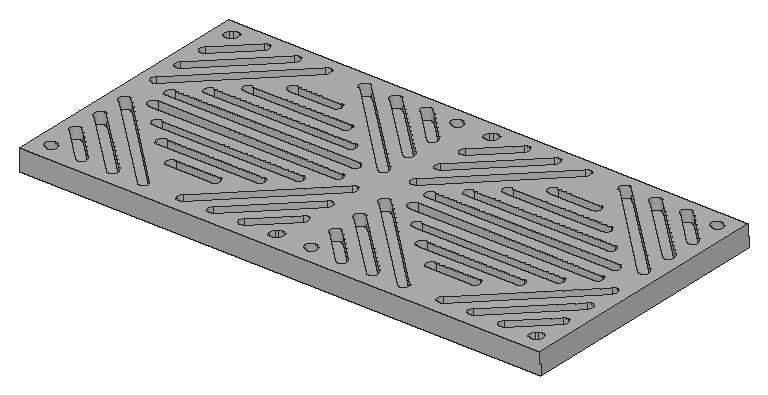
Revit family "dBA - 2 inch - Ceiling and Wall Panels 24x48", category Specialty Equipment, Revit 2023
Family settings
  Round Connector Dimension = Use Diameter
  Part Type = Normal
  OmniClass Number = 23.35.00.00
  OmniClass Title = Covering, Cladding, and Finishes
  Work Plane-Based = Yes
  Enable Cutting in Views = Yes
  Always vertical = No
  Cut with Voids When Loaded = No
  Maintain Annotation Orientation = No
  Shared = No
  Room Calculation Point = No
Parameters (values of type "Charcoal")
  URL = "https://www.acousticalsurfaces.com/sound-silencer/dba-ceiling-wall-panel/"
  Type Comments = "dBA Ceiling and Wall Panels"
  Recycled Content Percentage = "0%"
  Model = "Sound Silencer - dBA Ceiling and Wall Panels"
  Material = "Sound Silencer dBA"
  Manufacturer = "Acoustical Surfaces, Inc."
  Fire Rating = "ASTM E84 - Class A"
  Finish = Paint - Acoustical-Surfaces - dBA - Charcoal
  Description = "dBA Ceiling and Wall Panels"
  Default Elevation = 4' - 0"
  Assembly Code = "C30"
  Acoustics - NRC = "Sound absorption varies from NRC 0.45 to 0.95 based on installation method used when tested per ASTM C423."
Types (2): name | Finish
  Charcoal | Paint - Acoustical-Surfaces - dBA - Charcoal
  White | Paint - Acoustical-Surfaces - dBA - White
Reference planes (in)
  plane 1 "Center (Front/Back)": y = 0
  plane 2: z = 0
  plane 3 "Center (Left/Right)": x = 0
  plane 4: y = 12
  plane 5: y = -12
  plane 6: x = -24
  plane 7: x = 24
  plane 8: z = 2
Forms (in)
  Extrusion 1, solid, material "Paint - Acoustical-Surfaces - dBA - Charcoal" <- "Finish"
    sketch origin (-12, 0, 0) x (1, 0, 0) y (0, 1, 0)
      loop
        line (12, 12) -> (-12, 12) -> (-12, -12) -> (12, -12) -> (12, 12)
    from 0 to 1
  Extrusion 2, solid, material "Paint - Acoustical-Surfaces - dBA - Charcoal" <- "Finish"
    sketch origin (-12, 0, 1) x (1, 0, 0) y (0, 1, 0)
      loop
        line (12, 12) -> (-12, 12) -> (-12, -12) -> (12, -12) -> (12, 12)
      loop
        arc (-10.14645, -9.96967) -> (-10.85355, -9.96967) -> (-10.85355, -10.67678) r 0.5
        line (-10.85355, -10.67678) -> (-10.67678, -10.85355)
        arc (-10.67678, -10.85355) -> (-9.96967, -10.85355) -> (-9.96967, -10.14645) r 0.5
        line (-9.96967, -10.14645) -> (-10.14645, -9.96967)
      loop
        arc (-7.84835, -10.85355) -> (-7.14124, -10.85355) -> (-7.14124, -10.14645) r 0.5
        line (-7.14124, -10.14645) -> (-10.14645, -7.14124)
        arc (-10.14645, -7.14124) -> (-10.85355, -7.14124) -> (-10.85355, -7.84835) r 0.5
        line (-10.85355, -7.84835) -> (-7.84835, -10.85355)
      loop
        arc (-5.01992, -10.85355) -> (-4.31282, -10.85355) -> (-4.31282, -10.14645) r 0.5
        line (-4.31282, -10.14645) -> (-10.14645, -4.31282)
        arc (-10.14645, -4.31282) -> (-10.85355, -4.31282) -> (-10.85355, -5.01992) r 0.5
        line (-10.85355, -5.01992) -> (-5.01992, -10.85355)
      loop
        arc (-2.1915, -10.85355) -> (-1.48439, -10.85355) -> (-1.48439, -10.14645) r 0.5
        line (-1.48439, -10.14645) -> (-10.14645, -1.48439)
        arc (-10.14645, -1.48439) -> (-10.85355, -1.48439) -> (-10.85355, -2.1915) r 0.5
        line (-10.85355, -2.1915) -> (-2.1915, -10.85355)
      loop
        arc (2, -7.5) -> (2.5, -7) -> (2, -6.5) r 0.5
        line (2, -6.5) -> (-2, -6.5)
        arc (-2, -6.5) -> (-2.5, -7) -> (-2, -7.5) r 0.5
        line (-2, -7.5) -> (2, -7.5)
      loop
        arc (4.5, -5.5) -> (5, -5) -> (4.5, -4.5) r 0.5
        line (4.5, -4.5) -> (-4.5, -4.5)
        arc (-4.5, -4.5) -> (-5, -5) -> (-4.5, -5.5) r 0.5
        line (-4.5, -5.5) -> (4.5, -5.5)
      loop
        arc (6.5, -3.5) -> (7, -3) -> (6.5, -2.5) r 0.5
        line (6.5, -2.5) -> (-6.5, -2.5)
        arc (-6.5, -2.5) -> (-7, -3) -> (-6.5, -3.5) r 0.5
        line (-6.5, -3.5) -> (6.5, -3.5)
      loop
        arc (8.5, -1.5) -> (9, -1) -> (8.5, -0.5) r 0.5
        line (8.5, -0.5) -> (-8.5, -0.5)
        arc (-8.5, -0.5) -> (-9, -1) -> (-8.5, -1.5) r 0.5
        line (-8.5, -1.5) -> (8.5, -1.5)
      loop
        arc (8.5, 0.5) -> (9, 1) -> (8.5, 1.5) r 0.5
        line (8.5, 1.5) -> (-8.5, 1.5)
        arc (-8.5, 1.5) -> (-9, 1) -> (-8.5, 0.5) r 0.5
        line (-8.5, 0.5) -> (8.5, 0.5)
      loop
        arc (6.5, 2.5) -> (7, 3) -> (6.5, 3.5) r 0.5
        line (6.5, 3.5) -> (-6.5, 3.5)
        arc (-6.5, 3.5) -> (-7, 3) -> (-6.5, 2.5) r 0.5
        line (-6.5, 2.5) -> (6.5, 2.5)
      loop
        arc (4.5, 4.5) -> (5, 5) -> (4.5, 5.5) r 0.5
        line (4.5, 5.5) -> (-4.5, 5.5)
        arc (-4.5, 5.5) -> (-5, 5) -> (-4.5, 4.5) r 0.5
        line (-4.5, 4.5) -> (4.5, 4.5)
      loop
        line (-2, 6.5) -> (2, 6.5)
        arc (2, 6.5) -> (2.5, 7) -> (2, 7.5) r 0.5
        line (2, 7.5) -> (-2, 7.5)
        arc (-2, 7.5) -> (-2.5, 7) -> (-2, 6.5) r 0.5
      loop
        arc (-1.48439, 10.14645) -> (-1.48439, 10.85355) -> (-2.1915, 10.85355) r 0.5
        line (-2.1915, 10.85355) -> (-10.85355, 2.1915)
        arc (-10.85355, 2.1915) -> (-10.85355, 1.48439) -> (-10.14645, 1.48439) r 0.5
        line (-10.14645, 1.48439) -> (-1.48439, 10.14645)
      loop
        arc (-4.31282, 10.14645) -> (-4.31282, 10.85355) -> (-5.01992, 10.85355) r 0.5
        line (-5.01992, 10.85355) -> (-10.85355, 5.01992)
        arc (-10.85355, 5.01992) -> (-10.85355, 4.31282) -> (-10.14645, 4.31282) r 0.5
        line (-10.14645, 4.31282) -> (-4.31282, 10.14645)
      loop
        arc (-7.14124, 10.14645) -> (-7.14124, 10.85355) -> (-7.84835, 10.85355) r 0.5
        line (-7.84835, 10.85355) -> (-10.85355, 7.84835)
        arc (-10.85355, 7.84835) -> (-10.85355, 7.14124) -> (-10.14645, 7.14124) r 0.5
        line (-10.14645, 7.14124) -> (-7.14124, 10.14645)
      loop
        line (-10.14645, 9.96967) -> (-9.96967, 10.14645)
        arc (-9.96967, 10.14645) -> (-9.96967, 10.85355) -> (-10.67678, 10.85355) r 0.5
        line (-10.67678, 10.85355) -> (-10.85355, 10.67678)
        arc (-10.85355, 10.67678) -> (-10.85355, 9.96967) -> (-10.14645, 9.96967) r 0.5
      loop
        arc (10.14645, 1.48439) -> (10.85355, 1.48439) -> (10.85355, 2.1915) r 0.5
        line (10.85355, 2.1915) -> (2.1915, 10.85355)
        arc (2.1915, 10.85355) -> (1.48439, 10.85355) -> (1.48439, 10.14645) r 0.5
        line (1.48439, 10.14645) -> (10.14645, 1.48439)
      loop
        arc (10.14645, 4.31282) -> (10.85355, 4.31282) -> (10.85355, 5.01992) r 0.5
        line (10.85355, 5.01992) -> (5.01992, 10.85355)
        arc (5.01992, 10.85355) -> (4.31282, 10.85355) -> (4.31282, 10.14645) r 0.5
        line (4.31282, 10.14645) -> (10.14645, 4.31282)
      loop
        arc (10.14645, 7.14124) -> (10.85355, 7.14124) -> (10.85355, 7.84835) r 0.5
        line (10.85355, 7.84835) -> (7.84835, 10.85355)
        arc (7.84835, 10.85355) -> (7.14124, 10.85355) -> (7.14124, 10.14645) r 0.5
        line (7.14124, 10.14645) -> (10.14645, 7.14124)
      loop
        arc (10.14645, 9.96967) -> (10.85355, 9.96967) -> (10.85355, 10.67678) r 0.5
        line (10.85355, 10.67678) -> (10.67678, 10.85355)
        arc (10.67678, 10.85355) -> (9.96967, 10.85355) -> (9.96967, 10.14645) r 0.5
        line (9.96967, 10.14645) -> (10.14645, 9.96967)
      loop
        arc (1.48439, -10.14645) -> (1.48439, -10.85355) -> (2.1915, -10.85355) r 0.5
        line (2.1915, -10.85355) -> (10.85355, -2.1915)
        arc (10.85355, -2.1915) -> (10.85355, -1.48439) -> (10.14645, -1.48439) r 0.5
        line (10.14645, -1.48439) -> (1.48439, -10.14645)
      loop
        arc (4.31282, -10.14645) -> (4.31282, -10.85355) -> (5.01992, -10.85355) r 0.5
        line (5.01992, -10.85355) -> (10.85355, -5.01992)
        arc (10.85355, -5.01992) -> (10.85355, -4.31282) -> (10.14645, -4.31282) r 0.5
        line (10.14645, -4.31282) -> (4.31282, -10.14645)
      loop
        arc (7.14124, -10.14645) -> (7.14124, -10.85355) -> (7.84835, -10.85355) r 0.5
        line (7.84835, -10.85355) -> (10.85355, -7.84835)
        arc (10.85355, -7.84835) -> (10.85355, -7.14124) -> (10.14645, -7.14124) r 0.5
        line (10.14645, -7.14124) -> (7.14124, -10.14645)
      loop
        arc (9.96967, -10.14645) -> (9.96967, -10.85355) -> (10.67678, -10.85355) r 0.5
        line (10.67678, -10.85355) -> (10.85355, -10.67678)
        arc (10.85355, -10.67678) -> (10.85355, -9.96967) -> (10.14645, -9.96967) r 0.5
        line (10.14645, -9.96967) -> (9.96967, -10.14645)
    from 0 to 1
  Extrusion 3, solid, material "Paint - Acoustical-Surfaces - dBA - Charcoal" <- "Finish"
    sketch origin (12, 0, 0) x (1, 0, 0) y (0, 1, 0)
      loop
        line (12, 12) -> (-12, 12) -> (-12, -12) -> (12, -12) -> (12, 12)
    from 0 to 1
  Extrusion 4, solid, material "Paint - Acoustical-Surfaces - dBA - Charcoal" <- "Finish"
    sketch origin (12, 0, 1) x (1, 0, 0) y (0, 1, 0)
      loop
        line (12, 12) -> (-12, 12) -> (-12, -12) -> (12, -12) -> (12, 12)
      loop
        arc (-10.14645, -9.96967) -> (-10.85355, -9.96967) -> (-10.85355, -10.67678) r 0.5
        line (-10.85355, -10.67678) -> (-10.67678, -10.85355)
        arc (-10.67678, -10.85355) -> (-9.96967, -10.85355) -> (-9.96967, -10.14645) r 0.5
        line (-9.96967, -10.14645) -> (-10.14645, -9.96967)
      loop
        arc (-7.84835, -10.85355) -> (-7.14124, -10.85355) -> (-7.14124, -10.14645) r 0.5
        line (-7.14124, -10.14645) -> (-10.14645, -7.14124)
        arc (-10.14645, -7.14124) -> (-10.85355, -7.14124) -> (-10.85355, -7.84835) r 0.5
        line (-10.85355, -7.84835) -> (-7.84835, -10.85355)
      loop
        arc (-5.01992, -10.85355) -> (-4.31282, -10.85355) -> (-4.31282, -10.14645) r 0.5
        line (-4.31282, -10.14645) -> (-10.14645, -4.31282)
        arc (-10.14645, -4.31282) -> (-10.85355, -4.31282) -> (-10.85355, -5.01992) r 0.5
        line (-10.85355, -5.01992) -> (-5.01992, -10.85355)
      loop
        arc (-2.1915, -10.85355) -> (-1.48439, -10.85355) -> (-1.48439, -10.14645) r 0.5
        line (-1.48439, -10.14645) -> (-10.14645, -1.48439)
        arc (-10.14645, -1.48439) -> (-10.85355, -1.48439) -> (-10.85355, -2.1915) r 0.5
        line (-10.85355, -2.1915) -> (-2.1915, -10.85355)
      loop
        arc (2, -7.5) -> (2.5, -7) -> (2, -6.5) r 0.5
        line (2, -6.5) -> (-2, -6.5)
        arc (-2, -6.5) -> (-2.5, -7) -> (-2, -7.5) r 0.5
        line (-2, -7.5) -> (2, -7.5)
      loop
        arc (4.5, -5.5) -> (5, -5) -> (4.5, -4.5) r 0.5
        line (4.5, -4.5) -> (-4.5, -4.5)
        arc (-4.5, -4.5) -> (-5, -5) -> (-4.5, -5.5) r 0.5
        line (-4.5, -5.5) -> (4.5, -5.5)
      loop
        arc (6.5, -3.5) -> (7, -3) -> (6.5, -2.5) r 0.5
        line (6.5, -2.5) -> (-6.5, -2.5)
        arc (-6.5, -2.5) -> (-7, -3) -> (-6.5, -3.5) r 0.5
        line (-6.5, -3.5) -> (6.5, -3.5)
      loop
        arc (8.5, -1.5) -> (9, -1) -> (8.5, -0.5) r 0.5
        line (8.5, -0.5) -> (-8.5, -0.5)
        arc (-8.5, -0.5) -> (-9, -1) -> (-8.5, -1.5) r 0.5
        line (-8.5, -1.5) -> (8.5, -1.5)
      loop
        arc (8.5, 0.5) -> (9, 1) -> (8.5, 1.5) r 0.5
        line (8.5, 1.5) -> (-8.5, 1.5)
        arc (-8.5, 1.5) -> (-9, 1) -> (-8.5, 0.5) r 0.5
        line (-8.5, 0.5) -> (8.5, 0.5)
      loop
        arc (6.5, 2.5) -> (7, 3) -> (6.5, 3.5) r 0.5
        line (6.5, 3.5) -> (-6.5, 3.5)
        arc (-6.5, 3.5) -> (-7, 3) -> (-6.5, 2.5) r 0.5
        line (-6.5, 2.5) -> (6.5, 2.5)
      loop
        arc (4.5, 4.5) -> (5, 5) -> (4.5, 5.5) r 0.5
        line (4.5, 5.5) -> (-4.5, 5.5)
        arc (-4.5, 5.5) -> (-5, 5) -> (-4.5, 4.5) r 0.5
        line (-4.5, 4.5) -> (4.5, 4.5)
      loop
        line (-2, 6.5) -> (2, 6.5)
        arc (2, 6.5) -> (2.5, 7) -> (2, 7.5) r 0.5
        line (2, 7.5) -> (-2, 7.5)
        arc (-2, 7.5) -> (-2.5, 7) -> (-2, 6.5) r 0.5
      loop
        arc (-1.48439, 10.14645) -> (-1.48439, 10.85355) -> (-2.1915, 10.85355) r 0.5
        line (-2.1915, 10.85355) -> (-10.85355, 2.1915)
        arc (-10.85355, 2.1915) -> (-10.85355, 1.48439) -> (-10.14645, 1.48439) r 0.5
        line (-10.14645, 1.48439) -> (-1.48439, 10.14645)
      loop
        arc (-4.31282, 10.14645) -> (-4.31282, 10.85355) -> (-5.01992, 10.85355) r 0.5
        line (-5.01992, 10.85355) -> (-10.85355, 5.01992)
        arc (-10.85355, 5.01992) -> (-10.85355, 4.31282) -> (-10.14645, 4.31282) r 0.5
        line (-10.14645, 4.31282) -> (-4.31282, 10.14645)
      loop
        arc (-7.14124, 10.14645) -> (-7.14124, 10.85355) -> (-7.84835, 10.85355) r 0.5
        line (-7.84835, 10.85355) -> (-10.85355, 7.84835)
        arc (-10.85355, 7.84835) -> (-10.85355, 7.14124) -> (-10.14645, 7.14124) r 0.5
        line (-10.14645, 7.14124) -> (-7.14124, 10.14645)
      loop
        line (-10.14645, 9.96967) -> (-9.96967, 10.14645)
        arc (-9.96967, 10.14645) -> (-9.96967, 10.85355) -> (-10.67678, 10.85355) r 0.5
        line (-10.67678, 10.85355) -> (-10.85355, 10.67678)
        arc (-10.85355, 10.67678) -> (-10.85355, 9.96967) -> (-10.14645, 9.96967) r 0.5
      loop
        arc (10.14645, 1.48439) -> (10.85355, 1.48439) -> (10.85355, 2.1915) r 0.5
        line (10.85355, 2.1915) -> (2.1915, 10.85355)
        arc (2.1915, 10.85355) -> (1.48439, 10.85355) -> (1.48439, 10.14645) r 0.5
        line (1.48439, 10.14645) -> (10.14645, 1.48439)
      loop
        arc (10.14645, 4.31282) -> (10.85355, 4.31282) -> (10.85355, 5.01992) r 0.5
        line (10.85355, 5.01992) -> (5.01992, 10.85355)
        arc (5.01992, 10.85355) -> (4.31282, 10.85355) -> (4.31282, 10.14645) r 0.5
        line (4.31282, 10.14645) -> (10.14645, 4.31282)
      loop
        arc (10.14645, 7.14124) -> (10.85355, 7.14124) -> (10.85355, 7.84835) r 0.5
        line (10.85355, 7.84835) -> (7.84835, 10.85355)
        arc (7.84835, 10.85355) -> (7.14124, 10.85355) -> (7.14124, 10.14645) r 0.5
        line (7.14124, 10.14645) -> (10.14645, 7.14124)
      loop
        arc (10.14645, 9.96967) -> (10.85355, 9.96967) -> (10.85355, 10.67678) r 0.5
        line (10.85355, 10.67678) -> (10.67678, 10.85355)
        arc (10.67678, 10.85355) -> (9.96967, 10.85355) -> (9.96967, 10.14645) r 0.5
        line (9.96967, 10.14645) -> (10.14645, 9.96967)
      loop
        arc (1.48439, -10.14645) -> (1.48439, -10.85355) -> (2.1915, -10.85355) r 0.5
        line (2.1915, -10.85355) -> (10.85355, -2.1915)
        arc (10.85355, -2.1915) -> (10.85355, -1.48439) -> (10.14645, -1.48439) r 0.5
        line (10.14645, -1.48439) -> (1.48439, -10.14645)
      loop
        arc (4.31282, -10.14645) -> (4.31282, -10.85355) -> (5.01992, -10.85355) r 0.5
        line (5.01992, -10.85355) -> (10.85355, -5.01992)
        arc (10.85355, -5.01992) -> (10.85355, -4.31282) -> (10.14645, -4.31282) r 0.5
        line (10.14645, -4.31282) -> (4.31282, -10.14645)
      loop
        arc (7.14124, -10.14645) -> (7.14124, -10.85355) -> (7.84835, -10.85355) r 0.5
        line (7.84835, -10.85355) -> (10.85355, -7.84835)
        arc (10.85355, -7.84835) -> (10.85355, -7.14124) -> (10.14645, -7.14124) r 0.5
        line (10.14645, -7.14124) -> (7.14124, -10.14645)
      loop
        arc (9.96967, -10.14645) -> (9.96967, -10.85355) -> (10.67678, -10.85355) r 0.5
        line (10.67678, -10.85355) -> (10.85355, -10.67678)
        arc (10.85355, -10.67678) -> (10.85355, -9.96967) -> (10.14645, -9.96967) r 0.5
        line (10.14645, -9.96967) -> (9.96967, -10.14645)
    from 0 to 1
Cuts and joins
  joined: Extrusion 1, Extrusion 2, Extrusion 3, Extrusion 4
Dimensions and locks (in)
  aligned and locked: level to plane 2
